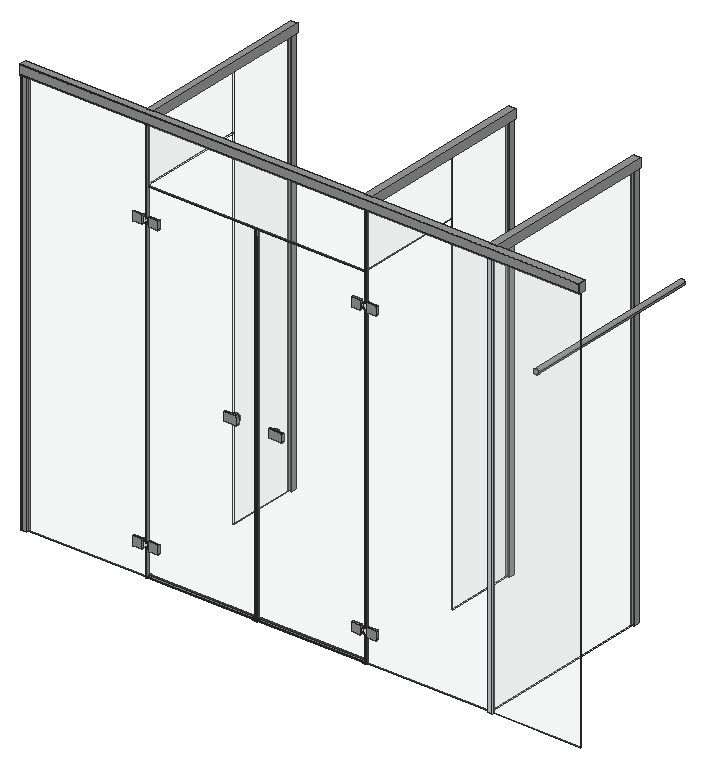
Revit family "Sanitary_Bath-screens_Modular system_Duscholux_SYSTEM210_S21-D", category Aparatos sanitarios, Revit 2019 (continued)
Types (22, lengths in mm): name | Uper profile guide | Handle Material | Frame Material | Accesories Material
  Black Aluminium Finish Superior guide Graphite PanElle | PanElle Graphite_DuscholuxMaterial | Anodized Aluminium_Duscholux Material-Black Finish | Anodized Aluminium_Duscholux Material-Black Finish | Anodized Aluminium_Duscholux Material-Black Finish
  Platinum Aluminium Finish | Anodized Aluminium_Duscholux Material-Platinum Finish | Anodized Aluminium_Duscholux Material-Platinum Finish | Anodized Aluminium_Duscholux Material-Platinum Finish | Anodized Aluminium_Duscholux Material-Platinum Finish
  Platinum Aluminium Finish Superior guide Basalt gray PanElle | PanElle Basalt Gray_Duscholux Material | Anodized Aluminium_Duscholux Material-Platinum Finish | Anodized Aluminium_Duscholux Material-Platinum Finish | Anodized Aluminium_Duscholux Material-Platinum Finish
  Platinum Aluminium Finish Superior guide Metal gray PanElle | PanElle Metal Gray_Duscholux Material | Anodized Aluminium_Duscholux Material-Platinum Finish | Anodized Aluminium_Duscholux Material-Platinum Finish | Anodized Aluminium_Duscholux Material-Platinum Finish
  Platinum Aluminium Finish Superior guide Concrete PanElle | PanElle Concrete_Duscholux Material | Anodized Aluminium_Duscholux Material-Platinum Finish | Anodized Aluminium_Duscholux Material-Platinum Finish | Anodized Aluminium_Duscholux Material-Platinum Finish
  Platinum Aluminium Finish Superior guide Graphite PanElle | PanElle Graphite_DuscholuxMaterial | Anodized Aluminium_Duscholux Material-Platinum Finish | Anodized Aluminium_Duscholux Material-Platinum Finish | Anodized Aluminium_Duscholux Material-Platinum Finish
  Platinum Aluminium Finish Superior guide Quartz PanElle | PanElle Quartz_DuscholuxMaterial | Anodized Aluminium_Duscholux Material-Platinum Finish | Anodized Aluminium_Duscholux Material-Platinum Finish | Anodized Aluminium_Duscholux Material-Platinum Finish
  Platinum Aluminium Finish Superior guide White PanElle | PanElle White_Duscholux Material | Anodized Aluminium_Duscholux Material-Platinum Finish | Anodized Aluminium_Duscholux Material-Platinum Finish | Anodized Aluminium_Duscholux Material-Platinum Finish
  Matte Silver Aluminium Finish | Anodized Aluminium_Duscholux Material-Matte Silver Finish | Anodized Aluminium_Duscholux Material-Matte Silver Finish | Anodized Aluminium_Duscholux Material-Matte Silver Finish | Anodized Aluminium_Duscholux Material-Matte Silver Finish
  Matte Silver Aluminium Finish Superior guide Basalt gray PanElle | PanElle Basalt Gray_Duscholux Material | Anodized Aluminium_Duscholux Material-Matte Silver Finish | Anodized Aluminium_Duscholux Material-Matte Silver Finish | Anodized Aluminium_Duscholux Material-Matte Silver Finish
  Matte Silver Aluminium Finish Superior guide Metal gray PanElle | PanElle Metal Gray_Duscholux Material | Anodized Aluminium_Duscholux Material-Matte Silver Finish | Anodized Aluminium_Duscholux Material-Matte Silver Finish | Anodized Aluminium_Duscholux Material-Matte Silver Finish
  Matte Silver Aluminium Finish Superior guide Concrete PanElle | PanElle Concrete_Duscholux Material | Anodized Aluminium_Duscholux Material-Matte Silver Finish | Anodized Aluminium_Duscholux Material-Matte Silver Finish | Anodized Aluminium_Duscholux Material-Matte Silver Finish
  Matte Silver Aluminium Finish Superior guide Graphite PanElle | PanElle Graphite_DuscholuxMaterial | Anodized Aluminium_Duscholux Material-Matte Silver Finish | Anodized Aluminium_Duscholux Material-Matte Silver Finish | Anodized Aluminium_Duscholux Material-Matte Silver Finish
  Matte Silver Aluminium Finish Superior guide Quartz PanElle | PanElle Quartz_DuscholuxMaterial | Anodized Aluminium_Duscholux Material-Matte Silver Finish | Anodized Aluminium_Duscholux Material-Matte Silver Finish | Anodized Aluminium_Duscholux Material-Matte Silver Finish
  Matte Silver Aluminium Finish Superior guide White PanElle | PanElle White_Duscholux Material | Anodized Aluminium_Duscholux Material-Matte Silver Finish | Anodized Aluminium_Duscholux Material-Matte Silver Finish | Anodized Aluminium_Duscholux Material-Matte Silver Finish
